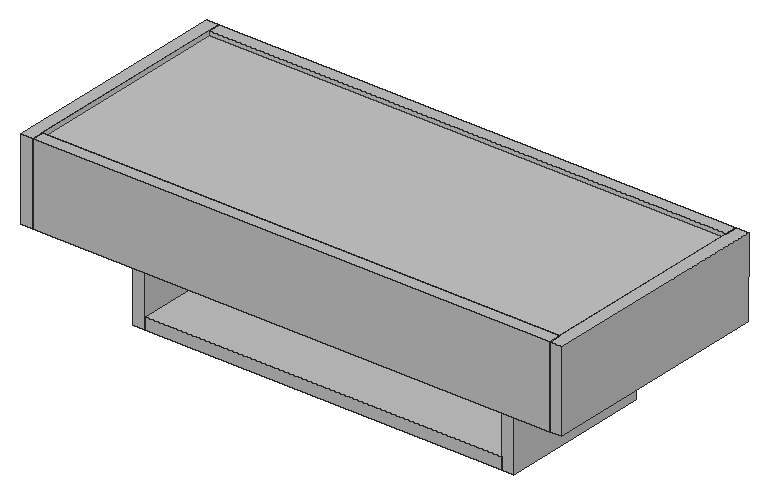
Revit family
Parameters (values of type "PretoCastanho")
  Vidro = IKEA-Vidro
  Type Comments = ""
  Model = ""
  Material = IKEA-PretoCastanho
  Manufacturer = "IKEA"
  Largura = 580 mm
  Description = ""
  Assembly Code = ""
Types (3, lengths in mm): name | Material
  (no name) | IKEA-PretoCastanho
  PretoCastanho | IKEA-PretoCastanho
  Faia | IKEA-Faia
Reference planes
  plane 1 "Center (Front/Back)": y = 0
  plane 2: z = 0
  plane 3 "Center (Left/Right)": x = 0
  plane 4: x = -674.419
  plane 5: x = 674.419
  plane 6: y = 290
  plane 7: y = -290
  plane 8: z = 200
  plane 9: z = 400
Forms (mm)
  Extrusion 1, solid, material "IKEA-PretoCastanho" <- "Material"
    sketch origin (-674.419, -140, 790) x (0, 0, -1) y (0, 1, 0)
      loop
        line (590, -150) -> (590, 430) -> (390, 430) -> (390, -150) -> (590, -150)
    from 0 to 30
  Extrusion 2, solid, material "IKEA-PretoCastanho" <- "Material"
    sketch origin (674.419, -140, 790) x (0, 0, -1) y (0, -1, 0)
      loop
        line (590, 150) -> (390, 150) -> (390, -430) -> (590, -430) -> (590, 150)
    from 0 to 30
  Extrusion 3, solid, material "IKEA-PretoCastanho" <- "Material"
    sketch origin (-214.419, -290, 790) x (0, 0, -1) y (-1, 0, 0)
      loop
        line (590, -858.838) -> (590, 430) -> (390, 430) -> (390, -858.838) -> (590, -858.838)
    from 0 to 30
  Extrusion 4, solid, material "IKEA-PretoCastanho" <- "Material"
    sketch origin (-214.419, 290, 790) x (0, 0, -1) y (1, 0, 0)
      loop
        line (590, 858.838) -> (390, 858.838) -> (390, -430) -> (590, -430) -> (590, 858.838)
    from 0 to 30
  Extrusion 5, solid, material "IKEA-PretoCastanho" <- "Material"
    sketch origin (-644.419, 290, 200) x (0, -1, 0) y (-1, 0, 0)
      loop
        line (30, -1288.838) -> (550, -1288.838) -> (550, 0) -> (30, 0) -> (30, -1288.838)
    from 0 to -30
  Extrusion 6, solid, material "IKEA-Vidro" <- "Vidro"
    sketch origin (-644.419, 290, 400) x (1, 0, 0) y (0, 1, 0)
      loop
        line (1288.838, -30) -> (0, -30) -> (0, -550) -> (1288.838, -550) -> (1288.838, -30)
    from 0 to -10
  Extrusion 7, solid, material "IKEA-PretoCastanho" <- "Material"
    sketch origin (-644.419, 290, 390) x (1, 0, 0) y (0, 1, 0)
      loop
        line (1288.838, -30) -> (0, -30) -> (0, -550) -> (1288.838, -550) -> (1288.838, -30)
    from 0 to -30
  Extrusion 8, solid, material "IKEA-PretoCastanho" <- "Material"
    sketch origin (0, 0, 0) x (1, 0, 0) y (0, 1, 0)
      loop
        line (444.419, -190) -> (474.419, -190) -> (474.419, 190) -> (444.419, 190) -> (444.419, -190)
    from 0 to 200
  Extrusion 9, solid, material "IKEA-PretoCastanho" <- "Material"
    sketch origin (0, 0, 0) x (-1, 0, 0) y (0, -1, 0)
      loop
        line (444.419, 190) -> (444.419, -190) -> (474.419, -190) -> (474.419, 190) -> (444.419, 190)
    from 0 to 200
  Extrusion 10, solid, material "IKEA-PretoCastanho" <- "Material"
    sketch origin (30, 0, 0) x (-1, 0, 0) y (0, -1, 0)
      loop
        line (-414.419, 190) -> (-414.419, -190) -> (474.419, -190) -> (474.419, 190) -> (-414.419, 190)
    from 0 to 30
  Extrusion 11, solid, material "IKEA-PretoCastanho" <- "Material"
    sketch origin (30, 0, 170) x (-1, 0, 0) y (0, -1, 0)
      loop
        line (-414.419, 190) -> (-414.419, -190) -> (474.419, -190) -> (474.419, 190) -> (-414.419, 190)
    from 0 to 30
Dimensions and locks
  equal spacing: plane 7, plane 1 "Center (Front/Back)", plane 6
  "Largura": plane 7 to plane 6
  locked: plane 9 to level at 400
  equal spacing: plane 9, plane 8, level
  aligned and locked: plane 7 to Extrusion 1
  aligned and locked: plane 9 to Extrusion 2
  aligned and locked: plane 9 to Extrusion 1
  aligned and locked: Extrusion 2 to plane 8
  aligned and locked: Extrusion 1 to plane 8
Automatic sketch dimensions
  Extrusion 1 sketch curve to plane 7 = 0 mm
  Extrusion 1 sketch curve to plane 9 = 0 mm
  Extrusion 1 sketch curve to plane 8 = 0 mm
  Extrusion 1 sketch curve to plane 6 = 0 mm
  Extrusion 2 sketch curve to plane 7 = 0 mm
  Extrusion 2 sketch curve to plane 9 = 0 mm
  Extrusion 2 sketch curve to plane 8 = 0 mm
  Extrusion 2 sketch curve to plane 6 = 0 mm
  Extrusion 3 sketch curve to plane 9 = 0 mm
  Extrusion 3 sketch curve to plane 8 = 0 mm
  plane 5 to Extrusion 3 sketch curve = 30 mm
  plane 4 to Extrusion 3 sketch curve = 30 mm
  Extrusion 4 sketch curve to plane 9 = 0 mm
  Extrusion 4 sketch curve to plane 8 = 0 mm
  plane 4 to Extrusion 4 sketch curve = 30 mm
  plane 5 to Extrusion 4 sketch curve = 30 mm
  Extrusion 5 sketch curve to Extrusion 4 = 0 mm  (x3)
  Extrusion 5 sketch curve to Extrusion 5 sketch curve = 520 mm
  plane 4 to Extrusion 6 sketch curve = 30 mm
  plane 5 to Extrusion 6 sketch curve = 30 mm
  Extrusion 6 sketch curve to plane 7 = 30 mm
  Extrusion 6 sketch curve to plane 6 = 30 mm
  plane 4 to Extrusion 7 sketch curve = 30 mm
  plane 5 to Extrusion 7 sketch curve = 30 mm
  Extrusion 7 sketch curve to plane 7 = 30 mm
  Extrusion 7 sketch curve to plane 6 = 30 mm
  Extrusion 8 sketch curve to plane 7 = 100 mm
  plane 5 to Extrusion 8 sketch curve = 230 mm
  Extrusion 8 sketch curve to Extrusion 8 sketch curve = 30 mm
  Extrusion 8 sketch curve to plane 6 = 100 mm
  plane 7 to Extrusion 9 sketch curve = 100 mm
  Extrusion 9 sketch curve to plane 4 = 230 mm
  Extrusion 9 sketch curve to Extrusion 9 sketch curve = 30 mm
  plane 6 to Extrusion 9 sketch curve = 100 mm
  plane 7 to Extrusion 10 sketch curve = 100 mm
  Extrusion 10 sketch curve to plane 5 = 230 mm
  Extrusion 10 sketch curve to plane 4 = 230 mm
  plane 6 to Extrusion 10 sketch curve = 100 mm
  plane 7 to Extrusion 11 sketch curve = 100 mm
  Extrusion 11 sketch curve to plane 5 = 230 mm
  Extrusion 11 sketch curve to plane 4 = 230 mm
  plane 6 to Extrusion 11 sketch curve = 100 mm
